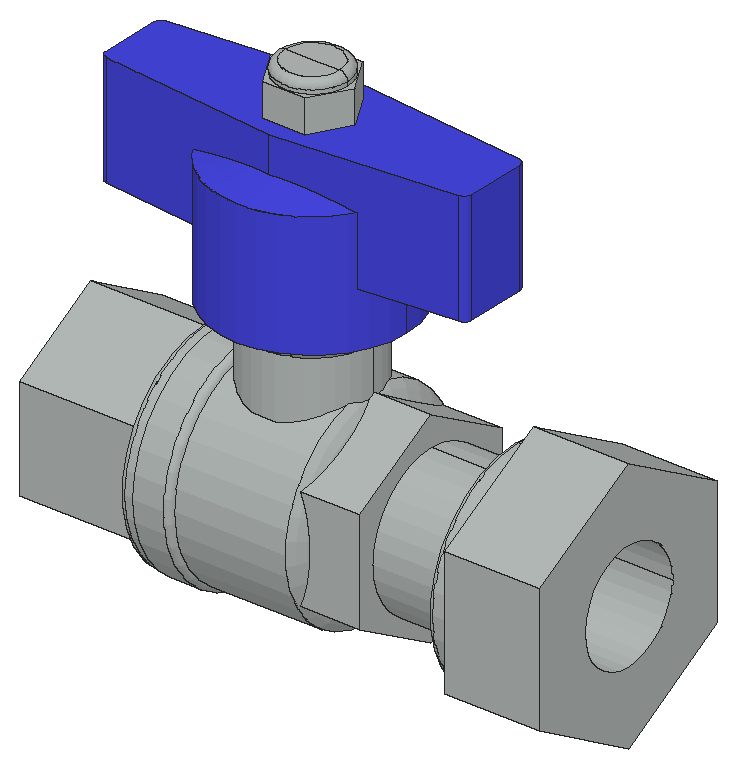
Revit family "QD00860000", category Apparecchi idraulici, Revit 2020
Family settings
  Quota connettore circolare = Usa diametro
  Tipo di parte = Normale
  Numero OmniClass = 23.45.00.00
  Titolo OmniClass = Sanitary, Laundry, and Cleaning Equipment
  Basato su piano di lavoro = No
  Sempre verticale = Sì
  Taglio con vuoti quando caricato = No
  Condiviso = No
  Punto di calcolo locali = No
Parameters
  URL = "https://web.cimberio.com/index.php/figura/1310?subcategoria_id=54188"
  Temperatura di esercizio = "-20 ÷ 150°C"
  Prospetto di default = 0 mm
  Produttore = "CIMBERIO SPA"
  Pressione nominale = "PN 80 (DN15); PN 50 (DN20-25); PN 40 (DN32); PN 32 (DN40-50)"
  Modello = "Cim 204/F21"
  Materiale = "Prodotto in lega di ottone conforme alla norma EN 12165-CW617N-DW"
  Descrizione = "Realizzato in ottemperanza ai requisiti gestionali della norma EN ISO 9001.\r\nUtilizzato per la regolazione della temperatura degli ambienti e comandare apparecchi degli impianti di riscaldamento e condizionamento."
  DN Model [instance] = QD00862103 : QD00862103
  DN [instance] = 15 mm
  Commenti sul tipo = "Utilizzato nei più svariati settori dell'impiantistica: reti di distribuzione acqua potabile, impianti di riscaldamento, condizionamento, igienico-sanitari e in generale con ogni fluido non corrosivo"
Reference planes
  plane 1 "Centro (Fronte/Retro)": y = 0
  plane 2: z = 0
  plane 3 "Centro (Sinistra/Destra)": x = 0
Dimensions and locks
  aligned and locked: level to plane 2
Nested families
  nested 1: "QD00862103" at (0, 0, 0), type <- "DN Model", type "QD00862103"
  nested 2: "QD00862103" at (0, 0, 0), type <- "DN Model", type "QD00862103"
  nested 3: "QD00862103" at (0, 0, 0), type <- "DN Model", type "QD00862103"
  nested 4: "QD00862103" at (0, 0, 0), type <- "DN Model", type "QD00862103"
  nested 5: "QD00862103" at (0, 0, 0), type <- "DN Model", type "QD00862103"
  nested 6: "QD00862103" at (0, 0, 0), type <- "DN Model", type "QD00862103"
  nested 7: "QD00862103" at (0, 0, 0), type <- "DN Model", type "QD00862103"
  nested 8: "QD00862103" at (0, 0, 0), type <- "DN Model", type "QD00862103"
  nested 9: "QD00862103" at (0, 0, 0), type <- "DN Model", type "QD00862103"
  nested 10: "QD00862103" at (0, 0, 0), type <- "DN Model", type "QD00862103"
Connectors
  piping at (43.182, 0, 0), diameter 15, driven by "DN"
    settings: on nested 1, index 1, connector inside diameter 609.6 mm, connector length 0 mm, flow factor 0, pipe flow 0.0 L/s, pressure drop 0.0 Pa, fitting loss kfactor 0, connector angle 0.00°, fixture units 0, engagement length 0 mm, angle of deflection 0.00°, flow configuration 0, flow direction 0, fitting loss method 0, system type 7, joint type 0, gender type 0, connector reference index -1, connector utility 0, adjustable connector no, is connector primary yes, connector description ""
  piping at (-30.318, 0, 0), diameter 15, driven by "DN"
    settings: on nested 1, index 2, connector inside diameter 609.6 mm, connector length 0 mm, flow factor 0, pipe flow 0.0 L/s, pressure drop 0.0 Pa, fitting loss kfactor 0, connector angle 0.00°, fixture units 0, engagement length 0 mm, angle of deflection 0.00°, flow configuration 0, flow direction 0, fitting loss method 0, system type 7, joint type 0, gender type 0, connector reference index -1, connector utility 0, adjustable connector no, is connector primary no, connector description ""
Definition of nested family "QD00862103"
  Parameters (values of type "QD00102103")
    URL = "https://web.cimberio.it/index.php/figura/394?subcategoria_id="
    Temperatura di esercizio = "-10 ÷ 95°C"
    Default Elevation = 0 mm
    Manufacturer = "CIMBERIO SPA"
    Pressione nominale = "PN 16"
    Model = "Cim 32"
    Materiale = "Prodotto in lega di ottone conforme alla norma EN 12165-CW617N-DW"
    Description = "Impiegato nei più svariati settori dell'impiantistica in condutture anti-ritorno per: reti di distribuzione acqua potabile, impianti di riscaldamento, condizionamento, igienico-sanitari e in generale con ogni fluido non corrosivo."
    Type Comments = "Realizzato in ottemperanza ai requisiti gestionali della norma EN ISO 9001.\r\nCollaudato al 100% secondo la normativa EN 12266-1"
  Reference planes
    plane 1 "Centro (Fronte/Retro)": y = 0
    plane 2: z = 0
    plane 3 "Centro (Sinistra/Destra)": x = 0
  Forms (mm)
    Revolve 1, solid
      sketch origin (0, 0, 0) x (1, 0, 0) y (0, 0, 1)
        loop
          line (-12.6, 14.75) -> (-13.886, 14.75)
          arc (-13.886, 14.75) -> (-14.391, 14.541) -> (-14.6, 14.036) r 0.714
          line (-14.6, 14.036) -> (-14.6, 7.5) -> (-12.6, 7.5) -> (-12.6, 14.75)
        axis (-14.6, 0) -> (-12.6, 0)
      angle from 0 to 360
    Revolve 2, solid
      sketch origin (0, 0, 0) x (1, 0, 0) y (0, 0, 1)
        loop
          line (-12.6, -15) -> (-8.453, -15)
          arc (-8.453, -15) -> (-7.862, -14.806) -> (-7.5, -14.3) r 1
          line (-7.5, -14.3) -> (7.7, -14.3)
          arc (7.7, -14.3) -> (9.549, -11.151) -> (9.473, -7.5) r 6.705
          line (9.473, -7.5) -> (-12.6, -7.5) -> (-12.6, -15)
        axis (-12.6, 0) -> (9.473, 0)
      angle from 0 to 360
    Extrusion 3, solid
      sketch origin (0, 0, 0) x (0, 1, 0) y (0, 0, 1)
        loop
          circle (0, 0) r 7.5
        loop
          line (0, 14) -> (-12.124, 7) -> (-12.124, -7) -> (0, -14) -> (12.124, -7) -> (12.124, 7) -> (0, 14)
      from 7.682 to 16.151
    Extrusion 4, solid
      sketch origin (-38, 0, 0) x (0, 1, 0) y (0, 0, 1)
        loop
          circle (0, 0) r 7.5
        loop
          line (0, 14) -> (-12.124, 7) -> (-12.124, -7) -> (0, -14) -> (12.124, -7) -> (12.124, 7) -> (0, 14)
      from 7.682 to 23.4
    Revolve 5, solid
      sketch origin (0, 0, 0) x (1, 0, 0) y (0, 0, 1)
        loop
          line (26, 10) -> (16.151, 10) -> (16.151, 7.5) -> (28.182, 7.5) -> (28.182, 11.1) -> (27.136, 11.1)
          arc (27.136, 11.1) -> (26.695, 10.419) -> (26, 10) r 1.808
        axis (16.151, 0) -> (28.182, 0)
      angle from 0 to 360
    Revolve 6, solid
      sketch origin (-3.018, 0, 0) x (1, 0, 0) y (0, 0, 1)
        loop
          line (30.7, 7.5) -> (33.2, 7.5) -> (33.2, 14.772) -> (31.2, 14.772)
          arc (31.2, 14.772) -> (30.847, 14.626) -> (30.7, 14.272) r 0.5
          line (30.7, 14.272) -> (30.7, 7.5)
        axis (30.7, 0) -> (33.2, 0)
      angle from 0 to 360
    Extrusion 7, solid
      sketch origin (0, 0, 0) x (0, 1, 0) y (0, 0, 1)
        loop
          circle (0, 0) r 7.5
        loop
          line (0, 17.4) -> (-15.069, 8.7) -> (-15.069, -8.7) -> (0, -17.4) -> (15.069, -8.7) -> (15.069, 8.7) -> (0, 17.4)
      from 30.182 to 43.182
    Revolve 8, solid
      sketch origin (0, 0, 0) x (1, 0, 0) y (0, 0, 1)
        loop
          line (-9, 26.168) -> (-9, 20.867)
          arc (-9, 20.867) -> (-8.866, 20.366) -> (-8.5, 20) r 1
          line (-8.5, 20) -> (-8.5, 11.674) -> (-0.999, 11.674) -> (-0.999, 26.168) -> (-9, 26.168)
        axis (-0.063, 26.168) -> (-0.063, 11.674)
      angle from 0 to 360
    Revolve 9, solid
      sketch origin (0, 0, 0) x (1, 0, 0) y (0, 0, 1)
        loop
          line (-12.882, 22.8) -> (0, 22.8) -> (0, 41.574)
          arc (0, 41.574) -> (-6.528, 41.282) -> (-12.882, 39.754) r 34.224
          line (-12.882, 39.754) -> (-12.882, 22.8)
        axis (0, 41.574) -> (0, 22.8)
      angle from 0 to 360
    Revolve 10, solid
      sketch origin (0, 0, 0) x (1, 0, 0) y (0, 0, 1)
        loop
          line (0, 49.392) -> (4.75, 49.392) -> (4.75, 50.768)
          arc (4.75, 50.768) -> (4.448, 51.498) -> (3.718, 51.8) r 1.032
          line (3.718, 51.8) -> (0, 51.8) -> (0, 49.392)
        axis (0, 51.8) -> (0, 49.392)
      angle from 0 to 360
    Extrusion 11, solid
      sketch origin (0, 0, 0) x (1, 0, 0) y (0, 1, 0)
        loop
          line (5.771, 0) -> (2.886, 4.998) -> (-2.886, 4.998) -> (-5.771, 0) -> (-2.886, -4.998) -> (2.886, -4.998) -> (5.771, 0)
      from 45.8 to 50.3
    Extrusion 12, solid
      sketch origin (0, 0, 0) x (1, 0, 0) y (0, 1, 0)
        loop
          arc (-24.099, 5.09) -> (-24.741, 4.766) -> (-25, 4.095) r 1
          line (-25, 4.095) -> (-25, -4.095)
          arc (-25, -4.095) -> (-24.741, -4.766) -> (-24.099, -5.09) r 1
          line (-24.099, -5.09) -> (0, -7.495) -> (24.099, -5.09)
          arc (24.099, -5.09) -> (24.741, -4.766) -> (25, -4.095) r 1
          line (25, -4.095) -> (25, 4.095)
          arc (25, 4.095) -> (24.741, 4.766) -> (24.099, 5.09) r 1
          line (24.099, 5.09) -> (0, 7.495) -> (-24.099, 5.09)
      from 30.493 to 45.822
  Dimensions and locks
    aligned and locked: level to plane 2
